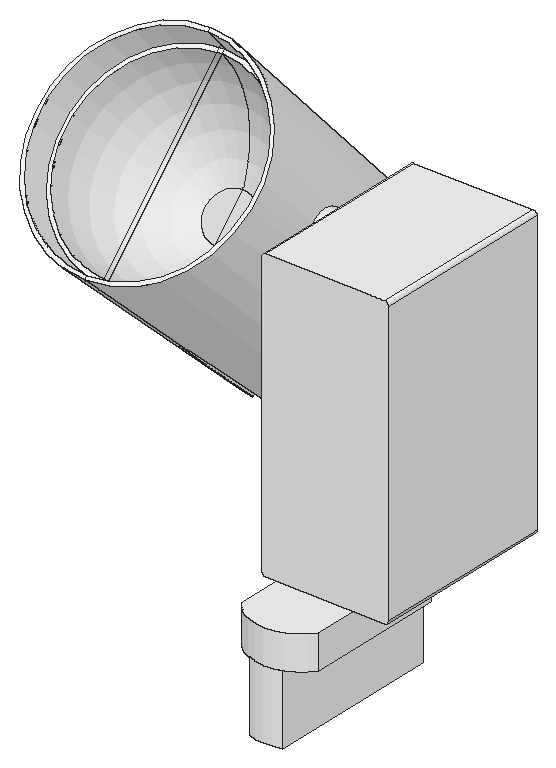
Revit family "0004827 Feilo Sylvania Lighting Fixture START TRACK SPOT S 24W 4K RA80 MB WHITE", category Lighting Fixtures, host Face, Revit 2017 (continued)
Definition of nested family "Start Track Spot Head"
  Types (96, lengths in mm): name | Wattage | built-in parameter 1150134 | Photometric Web File | Model | built-in parameter 1150105 | Lumens | built-in parameter 1150107 | built-in parameter 1150106 | HeadThickness_FEILO | HeadRibOffset_FEILO | HeadRibDepth_FEILO | HeadRibCutWidth_FEILO | HeadRibCutOffset_FEILO | HeadReflectorRadius_FEILO | HeadReflectorOffset_FEILO | HeadLEDRadius_FEILO | HeadHeight_FEILO | HeadDiffusorOffset_FEILO | HeadDiaOut_FEILO | HeadDiaIn_FEILO | HeadAxisFromTop_FEILO | Emit from Circle Diameter | built-in parameter 1150104 | Description | Apparent Load
    0004812 START TRACK SPOT S 14W 3K RA80 MB WHITE | 14 W | (empty or 0) | "0004812.ies" | "START TRACK SPOT S 14W 3K RA80 MB WHITE" | 120.32 (stored number, unit not read) | 1512 lm | 3000 (stored number, unit not read) | 1.2032 (stored number, unit not read) | 1.5 | 4.179 | 55.714 | 7.167 | 50.87 | 50.588 | 55.714 | 9.556 | 117 | 9.435 | 86 | 77.477 | 69.354 | 77.477 | 10.034 (stored number, unit not read) | "Integrated LED spotlight, Textured White - RAL9016, compact and minimalist design, ideal for retail applications, die-cast aluminium body, passive cooling heatsink. Beam angle: 36°, color temperature: 3000K , total system power: 14W, total fixture output: 1508 lm, LOR: 100%, colour rendering: Ra: 80 typical, LED Chromaticity: 3 step MacAdam ellipse, lifetime: >50000 hours at L70B50, energy class: A++, A+, A, IR/UV free light source without heat radiation, operating voltage: 220-240V / 50-60Hz, drive current: 350mA, electronic driver, non-dimmable, power factor: 0.92, electrical protection: Class II, Global Track 3 Phase adapter suitable for Global trac 3-circuit tracks, ingress protection rating: IP20, suitable for internal environment only, horizontal rotation: 355°, vertical tilt: 90°, dimensions: Ø86x140x200, weight: 0.940kg." | 14 VA
    0004811 START TRACK SPOT S 14W 3K RA80 NB WHITE | 14 W | (empty or 0) | "0004811.ies" | "START TRACK SPOT S 14W 3K RA80 NB WHITE" | 123.66 (stored number, unit not read) | 1554 lm | 3000 (stored number, unit not read) | 1.2366 (stored number, unit not read) | 1.5 | 4.179 | 55.714 | 7.167 | 50.87 | 50.588 | 55.714 | 9.556 | 117 | 9.435 | 86 | 77.477 | 69.354 | 77.477 | 10.312 (stored number, unit not read) | "Integrated LED spotlight, Textured White - RAL9016, compact and minimalist design, ideal for retail applications, die-cast aluminium body, passive cooling heatsink. Beam angle: 12°, color temperature: 3000K , total system power: 14W, total fixture output: 1551 lm, LOR: 100%, colour rendering: Ra: 80 typical, LED Chromaticity: 3 step MacAdam ellipse, lifetime: >50000 hours at L70B50, energy class: A++, A+, A, IR/UV free light source without heat radiation, operating voltage: 220-240V / 50-60Hz, drive current: 350mA, electronic driver, non-dimmable, power factor: 0.92, electrical protection: Class II, Global Track 3 Phase adapter suitable for Global trac 3-circuit tracks, ingress protection rating: IP20, suitable for internal environment only, horizontal rotation: 355°, vertical tilt: 90°, dimensions: Ø86x140x200, weight: 0.940kg." | 14 VA
  Reference planes
    plane 1 "Center (Front/Back)": y = 0
    plane 2: z = 0
    plane 3 "Center (Left/Right)": x = 0
    plane 4: x = 43
    plane 5: x = -43
    plane 6: x = -38.739
    plane 7: x = 38.739
    plane 8: z = 69.354
    plane 9: z = -47.646
    plane 10: x = -41.5
    plane 11: x = -37.239
    plane 12: z = -38.211
    plane 13: z = -35.211
    plane 14: z = 8.068
    plane 15: x = -9.556
    plane 16: x = -28.667
    plane 17: x = -19.111
    plane 18: x = -27.167
    plane 19: x = -17.611
    plane 20: x = -8.056
    plane 21: z = 13.64
    plane 22: x = -29.667
    plane 23: x = -26.167
    plane 24: x = -20.111
    plane 25: x = -16.611
    plane 26: x = -10.556
    plane 27: x = -7.056
    plane 28: x = -36.239
    plane 29: x = -40.5
    plane 30: z = 65.175
    plane 31: z = 60.997
    plane 32: z = 56.818
    plane 33: z = 18.484
    plane 34: y = -43
    plane 35: y = 43
    plane 36: y = 3.583
    plane 37: y = -3.583
    plane 38: y = -2.583
    plane 39: y = 2.583
    plane 40: y = 46
    plane 41: z = 13.5
    plane 42: z = -13.5
    plane 43: y = 39
    plane 44: x = 4.708
    plane 45: x = -2.458
    plane 46: x = -1.458
    plane 47: x = 1.458
  Forms (mm)
    Extrusion 1, solid
      sketch origin (4.2, 0, 0) x (1, 0, 0) y (0, 1, 0)
        loop
          line (-1219.2, 1219.2) -> (-1219.2, -1219.2) -> (1219.2, -1219.2) -> (1219.2, 1219.2) -> (-1219.2, 1219.2)
      from 0 to -68.017
    Revolve 2, solid, material <- "Material_1_FEILO", detail levels medium+fine
      sketch origin (0, 0, 0) x (1, 0, 0) y (0, 0, 1)
        loop
          line (-43, -47.646) -> (-41.5, -47.646) -> (-40.5, -35.211) -> (-38.739, -35.211)
          arc (-38.739, -35.211) -> (-30.16, -9.517) -> (-9.556, 8.068) r 50.588
          line (-9.556, 8.068) -> (0, 8.068) -> (0, 13.64) -> (-16.611, 13.64) -> (-17.611, 60.997) -> (-19.111, 60.997) -> (-20.111, 13.64) -> (-36.239, 13.64) -> (-37.239, 69.354) -> (-38.739, 69.354) -> (-43, -47.646)
        axis (0, 69.354) -> (0, -47.646)
      angle from 360 to 0
    Extrusion 3, void
      sketch origin (0, 0, 0) x (0, 1, 0) y (0, 0, 1)
        loop
          line (-3.583, 69.354) -> (-2.583, 18.484) -> (1.932, 18.484) -> (2.932, 69.354) -> (-3.583, 69.354)
      from 43 to -43
    Revolve 4, solid, material <- "Material_2_FEILO", detail levels medium+fine
      sketch origin (0, 0, 0) x (1, 0, 0) y (0, 0, 1)
        loop
          line (-41.5, -38.211) -> (0, -38.211) -> (0, -35.211) -> (-41.5, -35.211) -> (-41.5, -38.211)
        axis (0, -35.211) -> (0, -38.211)
      angle from 360 to 0
    Revolve 5, solid, material <- "Material_1_FEILO"
      sketch origin (0, 0, 0) x (0, 1, 0) y (0, 0, 1)
        loop
          line (46, 0) -> (39, 0) -> (39, -13.5) -> (46, -13.5) -> (46, 0)
        axis (39, 0) -> (46, 0)
      angle from 360 to 0
    Revolve 6, solid, material <- "Material_1_FEILO", detail levels medium+fine
      sketch origin (0, 0, 0) x (1, 0, 0) y (0, 0, 1)
        loop
          line (-29.667, 13.64) -> (-26.167, 13.64) -> (-27.167, 65.175) -> (-28.667, 65.175) -> (-29.667, 13.64)
        loop
          line (-10.556, 13.64) -> (-7.056, 13.64) -> (-7.833, 56.818) -> (-9.778, 56.818) -> (-10.556, 13.64)
        axis (0, 65.175) -> (0, 13.64)
      angle from 360 to 0
    Extrusion 7, void
      sketch origin (0, 0, 0) x (1, 0, 0) y (0, 0, 1)
        loop
          line (4.708, 69.354) -> (-2.458, 69.354) -> (-1.458, 13.64) -> (1.458, 13.64) -> (4.708, 69.354)
      from -43 to 43
    Revolve 8, solid, material <- "Material_1_FEILO", detail levels coarse
      sketch origin (0, 0, 0) x (1, 0, 0) y (0, 0, 1)
        loop
          line (0, 69.354) -> (-38.739, 69.354) -> (-43, -47.646) -> (-41.5, -47.646) -> (-40.731, -38.211) -> (0, -38.211) -> (0, 69.354)
        axis (0, 69.354) -> (0, -47.646)
      angle from 360 to 0
  Cuts and joins
    Extrusion 3 cuts Revolve 2
    Extrusion 7 cuts Revolve 6
  Dimensions and locks
    equal spacing: plane 7, plane 3 "Center (Left/Right)", plane 6
    equal spacing: plane 4, plane 3 "Center (Left/Right)", plane 5
    "HeadDiaOut_FEILO": plane 4 to plane 5
    "HeadDiaIn_FEILO": plane 7 to plane 6
    "HeadHeight_FEILO": plane 8 to plane 9
    "HeadThickness_FEILO": plane 10 to plane 5
    "HeadThickness_FEILO": plane 11 to plane 6
    "HeadDiffusorOffset_FEILO": plane 12 to plane 9
    "HeadDiffusorThickness_FEILO": plane 13 to plane 12
    "HeadReflectorOffset_FEILO": plane 14 to plane 9
    "HeadLEDRadius_FEILO": plane 3 "Center (Left/Right)" to plane 15
    "HeadLEDRadius_FEILO": plane 15 to plane 17
    "HeadLEDRadius_FEILO": plane 17 to plane 16
    "HeadThickness_FEILO": plane 18 to plane 16
    "HeadThickness_FEILO": plane 19 to plane 17
    "HeadThickness_FEILO": plane 20 to plane 15
    "HeadRibDepth_FEILO": plane 8 to plane 21
    "HeadDraft_FEILO": plane 16 to plane 22
    "HeadDraft_FEILO": plane 23 to plane 18
    "HeadDraft_FEILO": plane 17 to plane 24
    "HeadDraft_FEILO": plane 25 to plane 19
    "HeadDraft_FEILO": plane 15 to plane 26
    "HeadDraft_FEILO": plane 27 to plane 20
    "HeadDraft_FEILO": plane 29 to plane 10
    "HeadDraft_FEILO": plane 28 to plane 11
    "HeadRibOffset_FEILO": plane 8 to plane 30
    "HeadRibOffset_FEILO": plane 30 to plane 31
    "HeadRibOffset_FEILO": plane 31 to plane 32
    "HeadAxisFromTop_FEILO": plane 8 to plane 2
    "HeadRibCutOffset_FEILO": plane 8 to plane 33
    equal spacing: plane 34, plane 1 "Center (Front/Back)", plane 35
    "HeadDiaOut_FEILO": plane 34 to plane 35
    equal spacing: plane 38, plane 1 "Center (Front/Back)", plane 39
    equal spacing: plane 37, plane 1 "Center (Front/Back)", plane 36
    "HeadRibCutWidth_FEILO": plane 37 to plane 36
    "HeadDraft_FEILO": plane 37 to plane 38
    locked: plane 35 to plane 40 at 3
    equal spacing: plane 41, plane 2, plane 42
    locked: plane 42 to plane 41 at 27
    locked: plane 43 to plane 35 at 4
    equal spacing: plane 45, imposter light, plane 44
    "HeadDraft_FEILO": plane 46 to plane 45
    "HeadRibCutWidth_FEILO": plane 44 to plane 45
    equal spacing: plane 47, plane 3 "Center (Left/Right)", plane 46
    "HeadReflectorRadius_FEILO": radius of Revolve 2 sketch curve
    aligned and locked: plane 2 to Extrusion 1
    aligned and locked: level to Extrusion 1
    aligned and locked: Revolve 2 sketch curve to plane 3 "Center (Left/Right)"  (x2)
    aligned and locked: plane 9 to Revolve 2 sketch curve  (x2)
    aligned and locked: plane 5 to Revolve 2 sketch curve
    aligned and locked: plane 10 to Revolve 2 sketch curve
    aligned and locked: plane 14 to Revolve 2 sketch curve
    aligned and locked: plane 8 to Revolve 2 sketch curve
    aligned and locked: Revolve 2 sketch curve to plane 13
    aligned and locked: plane 12 to Revolve 4 sketch curve
    aligned and locked: plane 3 "Center (Left/Right)" to Revolve 4 sketch curve
    aligned and locked: Revolve 4 sketch curve to plane 10
    aligned and locked: Revolve 4 sketch curve to plane 3 "Center (Left/Right)"
    aligned and locked: plane 12 to imposter light
    aligned and locked: imposter light to plane 1 "Center (Front/Back)"
    aligned and locked: Revolve 5 sketch curve to plane 2
    aligned and locked: plane 43 to Revolve 5 sketch curve
    aligned and locked: plane 42 to Revolve 5 sketch curve
    aligned and locked: Revolve 6 sketch curve to plane 3 "Center (Left/Right)"
    aligned and locked: plane 22 to Revolve 6 sketch curve
    aligned and locked: plane 30 to Revolve 6 sketch curve
    aligned and locked: plane 23 to Revolve 6 sketch curve
    aligned and locked: Revolve 6 sketch curve to plane 21  (x2)
    aligned and locked: plane 21 to Revolve 6 sketch curve
    aligned and locked: plane 17 to Revolve 2 sketch curve
    aligned and locked: plane 19 to Revolve 2 sketch curve
    aligned and locked: plane 31 to Revolve 2 sketch curve
    aligned and locked: plane 21 to Revolve 2 sketch curve
    aligned and locked: Extrusion 3 to plane 8
    aligned and locked: plane 33 to Extrusion 3
    aligned and locked: plane 8 to Extrusion 3 sketch curve
    aligned and locked: Extrusion 3 sketch curve to plane 33
    aligned and locked: Extrusion 3 to plane 5
    aligned and locked: plane 4 to Extrusion 3
    aligned and locked: plane 32 to Revolve 6 sketch curve
    aligned and locked: plane 44 to Extrusion 7 sketch curve
    aligned and locked: Extrusion 7 sketch curve to plane 8
    aligned and locked: plane 46 to Extrusion 7 sketch curve
    aligned and locked: plane 21 to Extrusion 7 sketch curve
    aligned and locked: plane 34 to Extrusion 7
    aligned and locked: Extrusion 7 to plane 35
    aligned and locked: Revolve 4 sketch curve to plane 13
    aligned and locked: Revolve 5 sketch curve to plane 40
    aligned and locked: Revolve 8 sketch curve to plane 3 "Center (Left/Right)"
    aligned and locked: Revolve 8 sketch curve to cut or joined group of Revolve 2, Extrusion 3  (x3)
    aligned and locked: plane 5 to Revolve 8 sketch curve
    aligned and locked: plane 3 "Center (Left/Right)" to Revolve 8 sketch curve
    aligned and locked: plane 12 to Revolve 8 sketch curve
  Automatic sketch dimensions
    Extrusion 1 sketch curve to Extrusion 1 sketch curve = 2438.4 mm  (x2)
    Extrusion 3 sketch curve to plane 37 = 0 mm
    Extrusion 3 sketch curve to plane 38 = 0 mm
    plane 39 to Extrusion 3 sketch curve = 0.651 mm
    Extrusion 3 sketch curve to plane 39 = 0.349 mm
    Revolve 6 sketch curve to plane 16 = 0 mm
    Revolve 6 sketch curve to plane 18 = 0 mm
    Revolve 6 sketch curve to plane 26 = 0 mm
    Revolve 6 sketch curve to plane 27 = 0 mm
    Revolve 6 sketch curve to plane 15 = 0.222 mm
    plane 9 to Revolve 6 sketch curve = 559.103 mm
    Revolve 6 sketch curve to plane 8 = 2535.555 mm
    plane 20 to Revolve 6 sketch curve = 0.222 mm
    Revolve 2 sketch curve to plane 29 = 0 mm
    Revolve 2 sketch curve to plane 6 = 0 mm  (x2)
    Revolve 2 sketch curve to plane 11 = 0 mm
    Revolve 2 sketch curve to plane 21 = 0 mm
    Revolve 2 sketch curve to plane 28 = 0 mm
    Revolve 2 sketch curve to plane 24 = 0 mm
    Revolve 2 sketch curve to plane 25 = 0 mm
    Revolve 2 sketch curve to plane 15 = 0 mm
    Revolve 2 sketch curve to Revolve 2 sketch curve = 557.155 mm
    Revolve 2 sketch curve to plane 8 = 2535.558 mm
    Extrusion 7 sketch curve to plane 45 = 0 mm
    Extrusion 7 sketch curve to plane 47 = 0 mm
    plane 9 to Revolve 4 sketch curve = 559.103 mm
    Revolve 4 sketch curve to plane 8 = 2535.555 mm
    Revolve 5 sketch curve to level = 0 mm
    plane 34 to Revolve 5 sketch curve = 1968.092 mm
    Revolve 5 sketch curve to plane 40 = 1405.763 mm
    Revolve 8 sketch curve to plane 6 = 0 mm
    Revolve 8 sketch curve to plane 29 = 0.231 mm
    plane 9 to Revolve 8 sketch curve = 559.103 mm
    Revolve 8 sketch curve to Revolve 8 sketch curve = 2535.555 mm
Definition of nested family "Start Track Spot Box"
  Parameters (values of type "Type Large White")
    URL = "http://www.feilosylvania.com"
    Type Image = (empty or 0)
    Type Comments = "n/a"
    Small_FEILO = no
    Material_3_FEILO = none
    Model = ""
    Manufacturer = "Feilo Sylvania"
    Keynote = ""
    Material_2_FEILO = none
    Description = ""
    Default Elevation = 1219.2 mm
    Cost = 0
    Material_1_FEILO = none
    BoxWidth_FEILO = 49 mm
    BoxStartAngle_FEILO [instance] = 0.00°
    BoxRadius_FEILO = 1.5 mm
    BoxHeight_FEILO = if(Small_FEILO, 112 mm, 136 mm)  # 136 mm
    BoxEndAngle_FEILO [instance] = BoxStartAngle_FEILO - 180.00°  # -180.00°
    BoxDepth_FEILO = if(Small_FEILO, 71.5 mm, 79 mm)  # 79 mm
    BoxAxisVerticalOffset_FEILO = 16 mm
    BoxAxisOffset_FEILO = BoxHeight_FEILO / 6.8  # 20 mm
    Assembly Code = ""
    Material_4_FEILO = none
  Types (4, lengths in mm): name | Small_FEILO | BoxHeight_FEILO | BoxDepth_FEILO | BoxAxisOffset_FEILO
    Type Large White | no | 136 | 79 | 20
    Type Small White | yes | 112 | 71.5 | 16.471
    Type Small Black | yes | 112 | 71.5 | 16.471
    Type Large Black | no | 136 | 79 | 20
  Reference planes
    plane 1 "Center (Front/Back)": y = 0
    plane 2: z = 0
    plane 3 "Center (Left/Right)": x = 0
    plane 4: x = 24.5
    plane 5: x = -24.5
    plane 6: y = 68
    plane 7: y = -68
    plane 8: z = 39.5
    plane 9: z = -39.5
    plane 10: y = -48
    plane 11: x = 30.5
    plane 12: x = 8.5
    plane 13: x = 21.5
    plane 14: y = 70
    plane 15: y = 72
    plane 16: x = 19.5
  Forms (mm)
    Extrusion 1, solid
      sketch origin (4.2, 0, 0) x (1, 0, 0) y (0, 1, 0)
        loop
          line (-1219.2, 1219.2) -> (-1219.2, -1219.2) -> (1219.2, -1219.2) -> (1219.2, 1219.2) -> (-1219.2, 1219.2)
      from 0 to -68.017
    Extrusion 2, solid, material <- "Material_1_FEILO"
      sketch origin (0, 0, 0) x (1, 0, 0) y (0, 1, 0)
        loop
          arc (-23, 68) -> (-24.061, 67.561) -> (-24.5, 66.5) r 1.5
          line (-24.5, 66.5) -> (-24.5, -66.5)
          arc (-24.5, -66.5) -> (-24.061, -67.561) -> (-23, -68) r 1.5
          line (-23, -68) -> (23, -68)
          arc (23, -68) -> (24.061, -67.561) -> (24.5, -66.5) r 1.5
          line (24.5, -66.5) -> (24.5, 66.5)
          arc (24.5, 66.5) -> (24.061, 67.561) -> (23, 68) r 1.5
          line (23, 68) -> (-23, 68)
      from -39.5 to 39.5
    Revolve 3, solid, not visible
      sketch origin (0, 0, 0) x (1, 0, 0) y (0, 1, 0)
        loop
          line (30.5, -48) -> (24.5, -48) -> (24.5, -68) -> (30.5, -68) -> (30.5, -48)
        axis (30.5, -48) -> (24.5, -48)
      angle from 0 <- "BoxStartAngle_FEILO" to -180 <- "BoxEndAngle_FEILO"
    Revolve 4, solid, material <- "Material_2_FEILO"
      sketch origin (0, 0, 0) x (1, 0, 0) y (0, 1, 0)
        loop
          line (8.5, 68) -> (19.5, 68) -> (19.5, 70) -> (21.5, 70) -> (21.5, 72) -> (8.5, 72) -> (8.5, 68)
        axis (8.5, 72) -> (8.5, 68)
      angle from 360 to 0
  Dimensions and locks
    equal spacing: plane 5, plane 3 "Center (Left/Right)", plane 4
    "BoxWidth_FEILO": plane 5 to plane 4
    equal spacing: plane 7, plane 1 "Center (Front/Back)", plane 6
    "BoxHeight_FEILO": plane 7 to plane 6
    equal spacing: plane 8, plane 2, plane 9
    "BoxDepth_FEILO": plane 8 to plane 9
    "BoxAxisOffset_FEILO": plane 7 to plane 10
    locked: plane 4 to plane 11 at 6
    "BoxAxisVerticalOffset_FEILO": plane 12 to plane 4
    locked: plane 12 to plane 13 at 13
    plane 6 to plane 14 to plane 15 = 2 mm locked, 2 mm locked
    locked: plane 12 to plane 16 at 11
    "BoxRadius_FEILO": radius of Extrusion 2 sketch curve  (x4)
    aligned and locked: plane 2 to Extrusion 1
    aligned and locked: level to Extrusion 1
    aligned and locked: plane 6 to Extrusion 2 sketch curve
    aligned and locked: plane 5 to Extrusion 2 sketch curve
    aligned and locked: Extrusion 2 sketch curve to plane 7
    aligned and locked: Extrusion 2 sketch curve to plane 4
    aligned and locked: Extrusion 2 to plane 8
    aligned and locked: plane 9 to Extrusion 2
    aligned and locked: Revolve 3 sketch curve to plane 10  (x2)
    aligned and locked: plane 11 to Revolve 3 sketch curve
    aligned and locked: Revolve 3 sketch curve to plane 4
    aligned and locked: plane 7 to Revolve 3 sketch curve
    aligned and locked: Revolve 4 sketch curve to plane 12
    aligned and locked: plane 6 to Revolve 4 sketch curve
    aligned and locked: plane 12 to Revolve 4 sketch curve
    aligned and locked: plane 15 to Revolve 4 sketch curve
    aligned and locked: Revolve 4 sketch curve to plane 13
    aligned and locked: Revolve 4 sketch curve to plane 14
    aligned and locked: Revolve 4 sketch curve to plane 16
    aligned and locked: Revolve 4 sketch curve to plane 6
  Automatic sketch dimensions
    Extrusion 1 sketch curve to Extrusion 1 sketch curve = 2438.4 mm  (x2)
    Revolve 3 sketch curve to plane 5 = 1499.5 mm
    plane 11 to Revolve 3 sketch curve = 1493.5 mm
    plane 15 to Revolve 4 sketch curve = 0 mm
    plane 7 to Revolve 4 sketch curve = 1456 mm
    Revolve 4 sketch curve to plane 15 = 1452 mm
